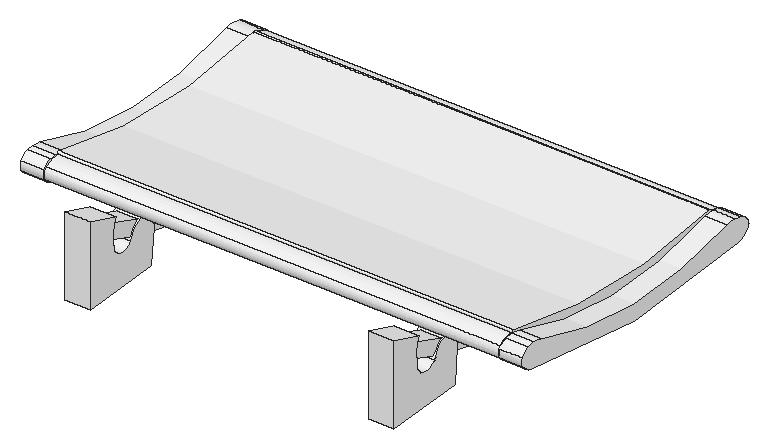
Revit family "NBS_PressalitCareplc_Stng_NursingBench3000", category Specialty Equipment, host Wall, Revit 2015
Parameters
  WithSafetyRail = no
  Weight = "54.2 kg"
  WarrantyStartDate [instance] = "1900-12-31T23:59:59"
  WarrantyGuarantorParts = "n/a"
  WarrantyGuarantorLabor = "n/a"
  WarrantyDurationUnit = "year"
  WarrantyDurationParts = "3"
  WarrantyDurationLabor = "n/a"
  WarrantyDescription = "3 yrs"
  Version = "1"  # constant formula
  UsageCurrent = 0
  Uniclass2015Version = "Products v1.3"  # constant formula
  Uniclass2015Reference = "Pr_40_20_06_83"
  Uniclass2015Description = "Shower seats"
  URL = ""
  TagNumber [instance] = "n/a"
  SustainabilityPerformance = "n/a"
  Style = "Bench"
  Size = "967 x 1410 mm"
  Shape = "n/a"
  SerialNumber [instance] = "n/a"
  SeatingHeight = 0 mm
  Revision = "n/a"
  ReplacementCost = "n/a"
  RailLength = 1200 mm
  ProductInformation = "en.pressalit.com/Handlers/Pressalit/Datasheet.ashx?area=care&id=21824&lang=en"
  PhaseReference = "n/a"
  PhaseAngle = 0.00°
  OperatingSpeed = "n/a"
  NursingBenchMaterial = NBS_Concept
  NumberOfPoles = 0
  NominalWidth = 0 mm
  NominalVoltage = "0"
  NominalLength = Length  # 1410 mm
  NominalHeight = Height  # 1170 mm
  NominalFrequencyRange = "0"
  NominalDepth = Depth  # 967 mm
  NominalCurrent = 0
  Name = "Seating_NursingBench3000_R8503_PressalitCareplc"
  NBSTypeID = "n/a"
  NBSReference = "45-35-72/352"
  NBSOfficeMasterTag = "n/a"
  NBSNote = "n/a"
  NBSDescription = "Seating"
  NBSCertification = "www.nationalbimlibrary.com/cert/nx1qp41t"
  ModelReference = "Nursing Bench 3000, Fixed Height - R8503"
  ModelNumber = "R8503"
  Model = ""
  MinimumBenchElevation [instance] = 300 mm  # constant formula
  MaximumLoad = "200 kg"
  MaximumBenchElevation [instance] = 1000 mm  # constant formula
  MaterialsSeat = "Polyurethane foam and plastic"
  MaterialsFrame = "Aluminium and powder-lacquered steel"
  Material = "n/a"
  ManufacturerURL = "www.pressalitcare.com"
  ManufacturerName = "Pressalit Care plc"  # constant formula
  Manufacturer = "www.pressalitcare.com"  # constant formula
  MainColor = "Lead grey"
  LowestSeatingHeight = 0 mm
  Length = 1410 mm
  IntegralAccessories = "Safety Rail"
  InsulationStandardClass = "Unset"
  InstallationDate [instance] = "1900-12-31T23:59:59"
  IfcExportType = "CHAIR"  # constant formula
  IfcExportAs = "IfcFurnitureType"  # constant formula
  IP_Code = "n/a"
  HighestSeatingHeight = 0 mm
  Height = 1170 mm
  HasProtectiveEarth = yes
  HandControl = "n/a"
  Grade = "n/a"
  Form = "Wall mounted"
  Fixed = not(Adjustable)  # yes
  Finish = "Powder laquered steel, Polyurethane mattress"
  Features = "A water collection tray with integrated water outlet prevents water from splashing on carers or the floor, adjustable neck support, integrated gas cylinders enable the bench to be folded out of the way when not in use, includes brick wall fixing kit and safety rail"
  ExpectedLife = "n/a"
  ElectricalDeviceNominalPower = 0
  DurationUnit = "year"
  Description = "Fixed nursing bench"
  Depth = 967 mm
  ControlBox = "n/a"
  Constituents = "n/a"
  CodePerformance = "n/a"
  Category = "Pr_40_20_06_83:Shower seats"
  BenchElevationCalc [instance] = if(and(Adjustable, BenchElevation > MaximumBenchElevation), MaximumBenchElevation, if(and(Adjustable, BenchElevation < MinimumBenchElevation), MinimumBenchElevation, if(Fixed, 865 mm, BenchElevation)))  # 865 mm
  BenchElevation [instance] = 865 mm
  BarCode [instance] = "n/a"
  BIMObjectName = "NBS_PressalitCareplc_Seating_NursingBench3000_R8503"
  Author = "NBS"  # constant formula
  AssetType = "Fixed"
  AssetIdentifier [instance] = "n/a"
  Assembly Code = ""
  AdjustmentHeight = "n/a\r\nn/a"
  Adjustable = no
  Actuator = "n/a"
  AcousticRating = "n/a"
  AccessibilityPerformance = "n/a"
Reference planes
  plane 1 "Wall": y = 0
  plane 2 "Center (Left/Right)": x = 125
  plane 3 "Back": y = 75
  plane 4: z = 865
  plane 5: y = 75
  plane 6 "Left": x = -580
  plane 7 "Right": x = 830
  plane 8 "Front": y = 1042
  plane 9: z = 1170
Text (mm)
  text "Placement Side" at (-1848.837, 1116.779, 0), in view "Ref. Level"
  text "Placement side" at (0, 1409.804, 2854.306), in view "Left"
  text "Placement side" at (0, 499.811, 2980.732), in view "Right"
Dimensions and locks
  locked: plane 3 "Back" to host wall
  "BenchElevationCalc": plane 4 to level
  plane 3 "Back" to plane 5 = 0 mm
  equal spacing: plane 6 "Left", plane 2 "Center (Left/Right)", plane 7 "Right"
  "Length": plane 6 "Left" to plane 7 "Right"
  "Depth": plane 8 "Front" to plane 5
  "Height": level to plane 9
  aligned and locked: plane 1 "Wall" to host wall
  aligned and locked: plane 2 "Center (Left/Right)" to nested 1
  aligned and locked: plane 4 to nested 1
  aligned and locked: nested 1 to plane 5
  aligned and locked: plane 5 to nested 2
  aligned and locked: nested 2 to level
  aligned and locked: plane 2 "Center (Left/Right)" to nested 3
  aligned and locked: nested 3 to plane 5
  aligned and locked: plane 4 to nested 3
Nested families
  nested 1: "NBS_PressalitCareplc_Seating_Bench_3000" at (125, 75, 0), type "Bench"
    with Length 1410 mm
  nested 2: "NBS_PressalitCareplc_Seating_BenchLifter" at (125, 75, 0) x (-1, 0, 0) z (0, 0, 1), visible <- "Adjustable", type "NBS_PressalitCareplc_Seating_BenchLifter"
  nested 3: "NBS_PressalitCareplc_Seating_NursingBench3000_SafetyRail" at (125, 75, 0), Rail <- "RailLength", visible <- "WithSafetyRail", type "SafetyRail"
    with Rail 1200 mm, BenchElevation 865 mm
Connectors
  electrical at (125, 100, 552)
    settings: on nested 2, index 1, voltage 0 V, apparent load 0 VA, apparent load phase1 0 VA, apparent load phase2 0 VA, apparent load phase3 0 VA, power factor 1, load classification "Other", number of poles 1, system type 31, power factor state 1, is connector primary yes, connector utility no, sub classification motor no, connector description ""
Definition of nested family "NBS_PressalitCareplc_Seating_Bench_3000"
  Parameters
    WithSafetyRail = no
    URL = ""
    Rail = if(Length > 1300 mm, 1600 mm, 1200 mm)  # 1600 mm
    NursingBenchMaterial = none
    Model = ""
    Manufacturer = ""
    Length = 1910 mm
    Description = ""
    BenchElevation = 865 mm
    Assembly Code = ""
  Reference planes
    plane 1 "Center (Front/Back)": y = 0
    plane 2: z = 0
    plane 3 "Center (Left/Right)": x = 0
    plane 4 "Left Arm": x = -391
    plane 5 "Left": x = -890
    plane 6 "Right": x = 890
    plane 7 "Right Arm": x = 391
    plane 8 "Bed Axis": z = 859.593
    plane 9 "Bed Elevation": z = 865
    plane 10: x = 955
    plane 11: x = -955
    plane 12: x = -463
    plane 13: x = 463
    plane 14 "Lines": z = 905
    plane 15 "Lateral details": z = 838.711
    plane 16 "Central details": z = 823.844
    plane 17 "Bottom": z = 813.844
    plane 18: z = 801.942
  Forms (mm)
    Sweep 1, solid, material <- "NursingBenchMaterial", detail levels medium+fine
      path origin (0, 0, 865) x (0, 1, 0) y (-1, 0, 0)
        loop
          line (554.669, 463) -> (554.669, 391)
      profile origin (-427, 554.669, 865) x (0, 1, 0) y (0, 0, 1)
        loop
          arc (-322.731, -113.111) -> (-348.27, -74.339) -> (-391.242, -91.913) r 36.545
          line (-391.242, -91.913) -> (-402.55, -112.894)
          arc (-402.55, -112.894) -> (-435.188, -129.818) -> (-462.879, -105.634) r 32.645
          arc (-462.879, -105.634) -> (-466.323, -66.347) -> (-456.67, -28.11) r 118.382
          line (-456.67, -28.11) -> (-544.669, -1.5) -> (-544.669, -223.314)
          arc (-544.669, -223.314) -> (-438.272, -218.903) -> (-332.583, -205.883) r 1312.636
          line (-332.583, -205.883) -> (-322.731, -113.111)
    Sweep 2, solid, material <- "NursingBenchMaterial", detail levels medium+fine
      path origin (0, 0, 865) x (0, 1, 0) y (1, 0, 0)
        loop
          line (554.669, 463) -> (554.669, 391)
      profile origin (427, 554.669, 865) x (0, -1, 0) y (0, 0, 1)
        loop
          line (322.731, -113.111) -> (332.583, -205.883)
          arc (332.583, -205.883) -> (438.272, -218.903) -> (544.669, -223.314) r 1312.636
          line (544.669, -223.314) -> (544.669, -1.5) -> (456.67, -28.11)
          arc (456.67, -28.11) -> (466.323, -66.347) -> (462.879, -105.634) r 118.382
          arc (462.879, -105.634) -> (435.188, -129.818) -> (402.55, -112.894) r 32.645
          line (402.55, -112.894) -> (391.242, -91.913)
          arc (391.242, -91.913) -> (348.27, -74.339) -> (322.731, -113.111) r 36.545
    Sweep 3, solid, material <- "NursingBenchMaterial", detail levels fine
      path origin (0, 0, 865) x (0, 1, 0) y (-1, 0, 0)
        loop
          line (554.5, 397) -> (554.5, 457)
      profile origin (-427, 554.5, 865) x (0, -1, 0) y (0, 0, 1)
        loop
          line (-304.368, -88.735) -> (-296.708, -131.628)
          arc (-296.708, -131.628) -> (13.933, -165.489) -> (324.043, -127.062) r 1350.753
          line (324.043, -127.062) -> (322.561, -113.111)
          arc (322.561, -113.111) -> (324.272, -97.578) -> (332.314, -84.179) r 36.545
          arc (332.314, -84.179) -> (14.253, -125.615) -> (-304.368, -88.735) r 1313.615
        loop
          arc (462.046, -43.52) -> (415.842, -59.701) -> (369.067, -74.148) r 1313.615
          arc (369.067, -74.148) -> (381.858, -80.816) -> (391.073, -91.913) r 36.545
          line (391.073, -91.913) -> (398.934, -106.499)
          arc (398.934, -106.499) -> (432.74, -95.676) -> (466.249, -83.968) r 1350.753
          arc (466.249, -83.968) -> (465.897, -63.562) -> (462.046, -43.52) r 118.382
    Sweep 4, solid, material <- "NursingBenchMaterial", detail levels fine
      path origin (0, 0, 865) x (0, 1, 0) y (1, 0, 0)
        loop
          line (554.5, 397) -> (554.5, 457)
      profile origin (427, 554.5, 865) x (0, 1, 0) y (0, 0, 1)
        loop
          arc (304.368, -88.735) -> (-14.253, -125.615) -> (-332.314, -84.179) r 1313.615
          arc (-332.314, -84.179) -> (-324.272, -97.578) -> (-322.561, -113.111) r 36.545
          line (-322.561, -113.111) -> (-324.043, -127.062)
          arc (-324.043, -127.062) -> (-13.933, -165.489) -> (296.708, -131.628) r 1350.753
          line (296.708, -131.628) -> (304.368, -88.735)
        loop
          arc (-462.046, -43.52) -> (-465.897, -63.562) -> (-466.249, -83.968) r 118.382
          arc (-466.249, -83.968) -> (-432.74, -95.676) -> (-398.934, -106.499) r 1350.753
          line (-398.934, -106.499) -> (-391.073, -91.913)
          arc (-391.073, -91.913) -> (-381.858, -80.816) -> (-369.067, -74.148) r 36.545
          arc (-369.067, -74.148) -> (-415.842, -59.701) -> (-462.046, -43.52) r 1313.615
    Extrusion 5, solid, material <- "NursingBenchMaterial", detail levels medium+fine
      sketch origin (-890, 0, 0) x (0, 1, 0) y (0, 0, 1)
        loop
          arc (903.921, 859.545) -> (901.971, 863.824) -> (897.384, 864.858) r 5.288
          arc (897.384, 864.858) -> (554.5, 823.637) -> (211.616, 864.858) r 1446.716
          arc (211.616, 864.858) -> (207.029, 863.824) -> (205.079, 859.545) r 5.288
          arc (205.079, 859.545) -> (183.077, 856.27) -> (163.837, 845.107) r 59.201
          arc (163.837, 845.107) -> (156.643, 828.928) -> (164.453, 813.039) r 20.889
          arc (164.453, 813.039) -> (177.229, 805.094) -> (191.588, 800.602) r 59.594
          arc (191.588, 800.602) -> (554.5, 768.467) -> (917.412, 800.602) r 2065.319
          arc (917.412, 800.602) -> (931.771, 805.094) -> (944.547, 813.039) r 59.594
          arc (944.547, 813.039) -> (952.357, 828.928) -> (945.163, 845.107) r 20.889
          arc (945.163, 845.107) -> (925.923, 856.27) -> (903.921, 859.545) r 59.201
      from 0 to 1780
    Extrusion 6, solid, material <- "NursingBenchMaterial", detail levels medium+fine
      sketch origin (-890, 0, -260) x (0, 1, 0) y (0, 0, 1)
        loop
          arc (915.835, 1055.797) -> (932.051, 1061.556) -> (945.968, 1071.677) r 60.055
          arc (945.968, 1071.677) -> (952.915, 1085.161) -> (950.36, 1100.113) r 23.93
          arc (950.36, 1100.113) -> (939.879, 1110.814) -> (926.496, 1117.543) r 45.619
          arc (926.496, 1117.543) -> (918.11, 1119.634) -> (909.542, 1120.764) r 76.337
          arc (909.542, 1120.764) -> (895.745, 1120.5) -> (882.238, 1117.673) r 73.842
          arc (882.238, 1117.673) -> (553.983, 1061.942) -> (225.789, 1118.028) r 991.415
          arc (225.789, 1118.028) -> (212.85, 1120.566) -> (199.666, 1120.764) r 73.842
          arc (199.666, 1120.764) -> (191.098, 1119.634) -> (182.712, 1117.543) r 76.337
          arc (182.712, 1117.543) -> (169.33, 1110.814) -> (158.848, 1100.113) r 45.619
          arc (158.848, 1100.113) -> (156.293, 1085.161) -> (163.24, 1071.677) r 23.93
          arc (163.24, 1071.677) -> (177.157, 1061.556) -> (193.37, 1055.763) r 60.055
          arc (193.37, 1055.763) -> (554.604, 1020) -> (915.835, 1055.797) r 1841.387
      from 1780 to 1845
    Extrusion 7, solid, material <- "NursingBenchMaterial", detail levels medium+fine
      sketch origin (-890, 0, -260) x (0, 1, 0) y (0, 0, 1)
        loop
          arc (915.835, 1055.797) -> (932.051, 1061.556) -> (945.968, 1071.677) r 60.055
          arc (945.968, 1071.677) -> (952.915, 1085.161) -> (950.36, 1100.113) r 23.93
          arc (950.36, 1100.113) -> (939.879, 1110.814) -> (926.496, 1117.543) r 45.619
          arc (926.496, 1117.543) -> (904.377, 1120.931) -> (882.238, 1117.673) r 75.355
          arc (882.238, 1117.673) -> (553.983, 1061.942) -> (225.789, 1118.028) r 991.415
          arc (225.789, 1118.028) -> (212.85, 1120.566) -> (199.666, 1120.764) r 73.842
          arc (199.666, 1120.764) -> (191.098, 1119.634) -> (182.712, 1117.543) r 76.337
          arc (182.712, 1117.543) -> (169.33, 1110.814) -> (158.848, 1100.113) r 45.619
          arc (158.848, 1100.113) -> (156.293, 1085.161) -> (163.24, 1071.677) r 23.93
          arc (163.24, 1071.677) -> (177.157, 1061.556) -> (193.37, 1055.763) r 60.055
          arc (193.37, 1055.763) -> (554.604, 1020) -> (915.835, 1055.797) r 1841.387
      from -65 to 0
    Extrusion 8, solid, material <- "NursingBenchMaterial", detail levels coarse
      sketch origin (-890, 0, 0) x (0, 1, 0) y (0, 0, 1)
        loop
          spline (918.291, 795.68) -> (928.214, 798.576) -> (937.072, 803.455) -> (944.26, 809.985) -> (949.29, 817.72) -> (951.818, 826.133) -> (951.672, 834.652) -> (948.862, 842.695) -> (943.579, 849.714) -> (936.184, 855.232) -> (927.18, 858.871) -> (917.182, 860.384) -> (906.869, 859.669)
          arc (906.869, 859.669) -> (554.5, 828.467) -> (202.131, 859.669) r 2005.319
          spline (202.131, 859.669) -> (191.818, 860.384) -> (181.82, 858.871) -> (172.816, 855.232) -> (165.421, 849.714) -> (160.138, 842.695) -> (157.328, 834.652) -> (157.182, 826.133) -> (159.71, 817.72) -> (164.74, 809.985) -> (171.928, 803.455) -> (180.786, 798.576) -> (190.709, 795.68)
          arc (190.709, 795.68) -> (554.5, 763.467) -> (918.291, 795.68) r 2070.319
      from -65 to 1845
  Dimensions and locks
    plane 4 "Left Arm" to plane 3 "Center (Left/Right)" to plane 7 "Right Arm" = 391 mm locked, 391 mm locked
    locked: plane 9 "Bed Elevation" to plane 8 "Bed Axis" at 5.407
    "BenchElevation": plane 9 "Bed Elevation" to level
    plane 8 "Bed Axis" to plane 15 "Lateral details" to plane 16 "Central details" = 20.881 mm locked, 14.868 mm locked
    locked: plane 16 "Central details" to plane 17 "Bottom" at 10
    locked: plane 12 to plane 4 "Left Arm" at 72
    locked: plane 7 "Right Arm" to plane 13 at 72
    equal spacing: plane 11, plane 3 "Center (Left/Right)", plane 10
    "Length": plane 11 to plane 10
    locked: plane 11 to plane 5 "Left" at 65
    locked: plane 6 "Right" to plane 10 at 65
    aligned and locked: plane 12 to Sweep 1 sketch curve
    aligned and locked: plane 4 "Left Arm" to Sweep 1 sketch curve
    aligned and locked: plane 7 "Right Arm" to Sweep 2 sketch curve
    aligned and locked: plane 13 to Sweep 2 sketch curve
    aligned and locked: Extrusion 7 to plane 11
    aligned and locked: plane 5 "Left" to Extrusion 7
    aligned and locked: Extrusion 6 to plane 10
    aligned and locked: plane 6 "Right" to Extrusion 6
    aligned and locked: Extrusion 5 to plane 6 "Right"
    aligned and locked: Extrusion 5 to plane 5 "Left"
    aligned and locked: Extrusion 8 to plane 10
    aligned and locked: Extrusion 8 to plane 11
  Automatic sketch dimensions
    Sweep 1 sketch curve to plane 1 "Center (Front/Back)" = 554.669 mm
    profile plane to Sweep 1 sketch curve = 545.793 mm
    Sweep 1 sketch curve to plane 9 "Bed Elevation" = 223.314 mm
    profile plane to Sweep 1 sketch curve = 544.669 mm
    Sweep 1 sketch curve to plane 9 "Bed Elevation" = 28.11 mm
    Sweep 1 sketch curve to Sweep 1 sketch curve = 87.999 mm
    Sweep 1 sketch curve to Sweep 1 sketch curve = 25.383 mm
    Sweep 1 sketch curve to plane 9 "Bed Elevation" = 112.894 mm
    Sweep 1 sketch curve to Sweep 1 sketch curve = 28.737 mm
    Sweep 1 sketch curve to plane 9 "Bed Elevation" = 91.913 mm
    Sweep 1 sketch curve to Sweep 1 sketch curve = 11.308 mm
    Sweep 1 sketch curve to Sweep 1 sketch curve = 32.17 mm
    Sweep 1 sketch curve to Sweep 1 sketch curve = 10.753 mm
    Sweep 1 sketch curve to plane 9 "Bed Elevation" = 205.883 mm
    Sweep 1 sketch curve to Sweep 1 sketch curve = 26.489 mm
    Sweep 1 sketch curve to plane 9 "Bed Elevation" = 113.111 mm
    Sweep 1 sketch curve to Sweep 1 sketch curve = 36.341 mm
    Sweep 1 sketch curve to Sweep 1 sketch curve = 15.488 mm
    Sweep 1 sketch curve to Sweep 1 sketch curve = 33.453 mm
    Sweep 1 sketch curve to plane 9 "Bed Elevation" = 1.5 mm
    plane 1 "Center (Front/Back)" to Sweep 2 sketch curve = 554.669 mm
    Sweep 2 sketch curve to plane 9 "Bed Elevation" = 113.111 mm
    Sweep 2 sketch curve to profile plane = 322.731 mm
    Sweep 2 sketch curve to Sweep 2 sketch curve = 9.852 mm
    Sweep 2 sketch curve to Sweep 2 sketch curve = 25.588 mm
    Sweep 2 sketch curve to Sweep 2 sketch curve = 10.753 mm
    Sweep 2 sketch curve to plane 9 "Bed Elevation" = 91.913 mm
    Sweep 2 sketch curve to Sweep 2 sketch curve = 32.17 mm
    Sweep 2 sketch curve to plane 9 "Bed Elevation" = 112.894 mm
    Sweep 2 sketch curve to Sweep 2 sketch curve = 11.308 mm
    Sweep 2 sketch curve to Sweep 2 sketch curve = 28.737 mm
    Sweep 2 sketch curve to plane 9 "Bed Elevation" = 28.11 mm
    Sweep 2 sketch curve to Sweep 2 sketch curve = 25.383 mm
    Sweep 2 sketch curve to plane 9 "Bed Elevation" = 1.5 mm
    Sweep 2 sketch curve to Sweep 2 sketch curve = 87.999 mm
    Sweep 2 sketch curve to profile plane = 545.793 mm
    Sweep 2 sketch curve to Sweep 2 sketch curve = 92.772 mm
    Sweep 2 sketch curve to Sweep 2 sketch curve = 110.42 mm
    Sweep 2 sketch curve to Sweep 2 sketch curve = 15.488 mm
    Sweep 2 sketch curve to Sweep 2 sketch curve = 33.453 mm
    Sweep 3 sketch curve to plane 12 = 6 mm
    Sweep 3 sketch curve to plane 1 "Center (Front/Back)" = 554.5 mm
    plane 4 "Left Arm" to Sweep 3 sketch curve = 6 mm
    plane 13 to Sweep 4 sketch curve = 6 mm
    plane 1 "Center (Front/Back)" to Sweep 4 sketch curve = 554.5 mm
    Sweep 4 sketch curve to plane 7 "Right Arm" = 6 mm
    plane 16 "Central details" to Extrusion 5 sketch curve = 5.486 mm  (x2)
    Extrusion 5 sketch curve to plane 1 "Center (Front/Back)" = 177.528 mm
    Extrusion 5 sketch curve to plane 8 "Bed Axis" = 0.324 mm  (x2)
    Extrusion 5 sketch curve to Extrusion 5 sketch curve = 24.532 mm
    plane 18 to Extrusion 5 sketch curve = 1.547 mm  (x2)
    Extrusion 5 sketch curve to Extrusion 5 sketch curve = 25.111 mm  (x2)
    plane 8 "Bed Axis" to Extrusion 5 sketch curve = 0.128 mm  (x2)
    Extrusion 5 sketch curve to Extrusion 5 sketch curve = 8.304 mm  (x2)
    Extrusion 5 sketch curve to plane 1 "Center (Front/Back)" = 554.5 mm  (x2)
    Extrusion 5 sketch curve to Extrusion 5 sketch curve = 688.273 mm
    Extrusion 5 sketch curve to Extrusion 5 sketch curve = 7.725 mm
    plane 14 "Lines" to Extrusion 5 sketch curve = 1365.353 mm
    Extrusion 5 sketch curve to Extrusion 5 sketch curve = 563.433 mm
    Extrusion 5 sketch curve to plane 17 "Bottom" = 0.805 mm  (x2)
    Extrusion 5 sketch curve to Extrusion 5 sketch curve = 13.074 mm
    Extrusion 5 sketch curve to Extrusion 5 sketch curve = 0 mm  (x5)
    Extrusion 5 sketch curve to plane 8 "Bed Axis" = 0.047 mm  (x2)
    Extrusion 6 sketch curve to plane 1 "Center (Front/Back)" = 179.943 mm
    Extrusion 6 sketch curve to Extrusion 6 sketch curve = 16.294 mm  (x2)
    Extrusion 6 sketch curve to Extrusion 6 sketch curve = 25.214 mm
    Extrusion 6 sketch curve to Extrusion 6 sketch curve = 8.921 mm  (x2)
    Extrusion 6 sketch curve to Extrusion 6 sketch curve = 0.186 mm  (x2)
    Extrusion 6 sketch curve to plane 1 "Center (Front/Back)" = 554.519 mm  (x2)
    Extrusion 6 sketch curve to plane 14 "Lines" = 120.362 mm  (x2)
    Extrusion 6 sketch curve to Extrusion 6 sketch curve = 698.52 mm
    Extrusion 6 sketch curve to Extrusion 6 sketch curve = 0.001 mm
    Extrusion 6 sketch curve to Extrusion 6 sketch curve = 2.488 mm  (x2)
    Extrusion 6 sketch curve to Extrusion 6 sketch curve = 26.848 mm  (x2)
    Extrusion 6 sketch curve to Extrusion 6 sketch curve = 14.84 mm  (x2)
    Extrusion 6 sketch curve to Extrusion 6 sketch curve = 25.869 mm  (x2)
    Extrusion 6 sketch curve to Extrusion 6 sketch curve = 938.672 mm
    Extrusion 6 sketch curve to Extrusion 6 sketch curve = 808.031 mm
    Extrusion 6 sketch curve to Extrusion 6 sketch curve = 16.703 mm
    Extrusion 6 sketch curve to Extrusion 6 sketch curve = 0 mm  (x7)
    Extrusion 6 sketch curve to Extrusion 6 sketch curve = 21.095 mm
    Extrusion 6 sketch curve to Extrusion 6 sketch curve = 11.788 mm
    Extrusion 6 sketch curve to Extrusion 6 sketch curve = 0.003 mm
    Extrusion 6 sketch curve to Extrusion 6 sketch curve = 20.632 mm
    Extrusion 6 sketch curve to Extrusion 6 sketch curve = 21.813 mm
    Extrusion 6 sketch curve to Extrusion 6 sketch curve = 11.785 mm
    plane 16 "Central details" to Extrusion 7 sketch curve = 4.971 mm  (x2)
    Extrusion 7 sketch curve to plane 1 "Center (Front/Back)" = 179.943 mm
    plane 17 "Bottom" to Extrusion 7 sketch curve = 0.131 mm  (x2)
    Extrusion 7 sketch curve to Extrusion 7 sketch curve = 16.294 mm  (x2)
    Extrusion 7 sketch curve to plane 8 "Bed Axis" = 4.909 mm  (x2)
    Extrusion 7 sketch curve to Extrusion 7 sketch curve = 25.214 mm
    plane 18 to Extrusion 7 sketch curve = 14.816 mm
    Extrusion 7 sketch curve to Extrusion 7 sketch curve = 8.921 mm
    Extrusion 7 sketch curve to Extrusion 7 sketch curve = 0.186 mm
    Extrusion 7 sketch curve to plane 1 "Center (Front/Back)" = 554.519 mm  (x2)
    Extrusion 7 sketch curve to Extrusion 7 sketch curve = 698.894 mm
    plane 18 to Extrusion 7 sketch curve = 16.366 mm
    Extrusion 7 sketch curve to Extrusion 7 sketch curve = 0.104 mm
    Extrusion 7 sketch curve to Extrusion 7 sketch curve = 8.816 mm
    Extrusion 7 sketch curve to Extrusion 7 sketch curve = 2.488 mm
    Extrusion 7 sketch curve to Extrusion 7 sketch curve = 808.031 mm
    Extrusion 7 sketch curve to plane 17 "Bottom" = 2.166 mm
    Extrusion 7 sketch curve to Extrusion 7 sketch curve = 0 mm  (x6)
    plane 15 "Lateral details" to Extrusion 7 sketch curve = 1.401 mm
    plane 18 to Extrusion 7 sketch curve = 6.179 mm
    Extrusion 7 sketch curve to Extrusion 7 sketch curve = 11.788 mm
    Extrusion 7 sketch curve to Extrusion 7 sketch curve = 0.003 mm
    Extrusion 7 sketch curve to plane 8 "Bed Axis" = 1.565 mm
    Extrusion 7 sketch curve to plane 8 "Bed Axis" = 1.92 mm
    Extrusion 7 sketch curve to plane 8 "Bed Axis" = 2.05 mm
    Extrusion 8 sketch curve to Extrusion 8 sketch curve = 0 mm  (x2)
    Extrusion 8 sketch curve to plane 1 "Center (Front/Back)" = 554.5 mm
    plane 14 "Lines" to Extrusion 8 sketch curve = 1928.786 mm
    plane 18 to Extrusion 8 sketch curve = 6.262 mm
    plane 16 "Central details" to Extrusion 8 sketch curve = 3.831 mm
    plane 8 "Bed Axis" to Extrusion 8 sketch curve = 0.076 mm
    Extrusion 8 sketch curve to plane 1 "Center (Front/Back)" = 202.131 mm
    Sweep 3 sketch curve to Sweep 3 sketch curve = 0 mm  (x6)
    Sweep 3 sketch curve to plane 9 "Bed Elevation" = 88.735 mm
    profile plane to Sweep 3 sketch curve = 304.368 mm
    Sweep 3 sketch curve to plane 9 "Bed Elevation" = 131.628 mm
    Sweep 3 sketch curve to Sweep 3 sketch curve = 7.66 mm
    Sweep 3 sketch curve to profile plane = 3.997 mm
    Sweep 3 sketch curve to Sweep 3 sketch curve = 0.856 mm
    Sweep 3 sketch curve to plane 9 "Bed Elevation" = 113.111 mm
    Sweep 3 sketch curve to plane 9 "Bed Elevation" = 127.062 mm
    Sweep 3 sketch curve to Sweep 3 sketch curve = 1.482 mm
    Sweep 3 sketch curve to Sweep 3 sketch curve = 25.588 mm
    Sweep 3 sketch curve to Sweep 3 sketch curve = 10.753 mm
    Sweep 3 sketch curve to plane 9 "Bed Elevation" = 91.913 mm
    Sweep 3 sketch curve to Sweep 3 sketch curve = 32.17 mm
    Sweep 3 sketch curve to plane 9 "Bed Elevation" = 106.499 mm
    Sweep 3 sketch curve to Sweep 3 sketch curve = 7.861 mm
    Sweep 3 sketch curve to Sweep 3 sketch curve = 3.859 mm
    Sweep 3 sketch curve to Sweep 3 sketch curve = 33.453 mm
    Sweep 3 sketch curve to Sweep 3 sketch curve = 2.738 mm
    Sweep 3 sketch curve to profile plane = 322.561 mm
    Sweep 3 sketch curve to Sweep 3 sketch curve = 20.917 mm
    Sweep 3 sketch curve to plane 9 "Bed Elevation" = 43.52 mm
    Sweep 4 sketch curve to Sweep 4 sketch curve = 0 mm  (x9)
    Sweep 4 sketch curve to plane 9 "Bed Elevation" = 91.913 mm
    Sweep 4 sketch curve to Sweep 4 sketch curve = 32.17 mm
    Sweep 4 sketch curve to Sweep 4 sketch curve = 10.753 mm
    Sweep 4 sketch curve to plane 9 "Bed Elevation" = 113.111 mm
    Sweep 4 sketch curve to Sweep 4 sketch curve = 36.341 mm
    profile plane to Sweep 4 sketch curve = 4.853 mm
    Sweep 4 sketch curve to Sweep 4 sketch curve = 0.856 mm
    Sweep 4 sketch curve to plane 9 "Bed Elevation" = 131.628 mm
    Sweep 4 sketch curve to plane 9 "Bed Elevation" = 88.735 mm
    Sweep 4 sketch curve to Sweep 4 sketch curve = 7.66 mm
    Sweep 4 sketch curve to Sweep 4 sketch curve = 3.859 mm
    Sweep 4 sketch curve to Sweep 4 sketch curve = 33.453 mm
    Sweep 4 sketch curve to Sweep 4 sketch curve = 2.738 mm
    Sweep 4 sketch curve to plane 9 "Bed Elevation" = 106.499 mm
    Sweep 4 sketch curve to Sweep 4 sketch curve = 7.861 mm
    Sweep 4 sketch curve to Sweep 4 sketch curve = 4.203 mm
    Sweep 4 sketch curve to Sweep 4 sketch curve = 20.917 mm
    Sweep 4 sketch curve to Sweep 4 sketch curve = 15.836 mm
    Sweep 4 sketch curve to Sweep 4 sketch curve = 34.859 mm
    Sweep 4 sketch curve to Sweep 4 sketch curve = 13.951 mm
    profile plane to Sweep 4 sketch curve = 322.561 mm
Definition of nested family "NBS_PressalitCareplc_Seating_BenchLifter"
  Parameters
    NursingBenchMaterial = none
  Reference planes
    plane 1 "Center (Front/Back)": y = 0
    plane 2: z = 0
    plane 3 "Center (Left/Right)": x = 0
    plane 4: z = 1170
    plane 5: z = 1035.5
    plane 6: z = 68.5
    plane 7: y = -105.5
  Forms (mm)
    Extrusion 1, solid, material <- "NursingBenchMaterial", detail levels medium+fine
      sketch origin (0, 0, 0) x (1, 0, 0) y (0, 1, 0)
        loop
          line (375.001, 0) -> (-375.001, 0)
          arc (-375.001, 0) -> (-371.581, -48.585) -> (-362.281, -96.393) r 399.994
          arc (-362.281, -96.393) -> (-359.656, -100.538) -> (-355.104, -102.371) r 8
          arc (-355.104, -102.371) -> (0, -115) -> (355.105, -102.374) r 4999.999
          arc (355.105, -102.374) -> (359.656, -100.538) -> (362.281, -96.393) r 8
          arc (362.281, -96.393) -> (371.581, -48.585) -> (375.001, 0) r 399.994
      from 0 to 1170
    Extrusion 2, solid, material <- "NursingBenchMaterial", detail levels coarse
      sketch origin (0, 0, 0) x (1, 0, 0) y (0, 1, 0)
        loop
          line (375.001, -115) -> (375.001, 0) -> (-375.001, 0) -> (-375.001, -115) -> (375.001, -115)
      from 0 to 1170
    Extrusion 3, void
      sketch origin (0, 0, 0) x (1, 0, 0) y (0, 1, 0)
        loop
          line (-380, -25) -> (380, -25) -> (380, 0) -> (-380, 0) -> (-380, -25)
      from 68.5 to 1035.5
    Extrusion 4, void
      sketch origin (0, 0, 0) x (1, 0, 0) y (0, 0, 1)
        loop
          circle (0, 1029.852) r 24.5
      from 105.5 to 125.5
  Cuts and joins
    Extrusion 3, Extrusion 4 cuts Extrusion 1
  Dimensions and locks
    locked: plane 4 to level at 1170
    locked: plane 4 to plane 5 at 134.5
    locked: plane 6 to level at 68.5
    locked: plane 4 to Extrusion 4 sketch curve at 140.148
    plane 7 to plane 1 "Center (Front/Back)" = 105.5 mm
    aligned and locked: level to plane 2
    aligned and locked: Extrusion 1 sketch curve to plane 1 "Center (Front/Back)"
    aligned and locked: Extrusion 2 sketch curve to plane 1 "Center (Front/Back)"
    aligned and locked: plane 4 to Extrusion 2
    aligned and locked: plane 4 to Extrusion 1
    aligned and locked: Extrusion 1 to level
    aligned and locked: Extrusion 2 to level
    aligned and locked: Extrusion 3 sketch curve to plane 1 "Center (Front/Back)"
    aligned and locked: plane 5 to Extrusion 3
    aligned and locked: plane 6 to Extrusion 3
    aligned and locked: plane 3 "Center (Left/Right)" to Extrusion 4 sketch curve
    aligned and locked: plane 7 to Extrusion 4
Definition of nested family "NBS_PressalitCareplc_Seating_NursingBench3000_SafetyRail"
  Parameters
    URL = ""
    SafetyRailMaterial = none
    Rail [instance] = 1600 mm
    Model = ""
    Manufacturer = ""
    Description = ""
    BenchElevation [instance] = 865 mm
    Assembly Code = ""
  Reference planes
    plane 1 "Center (Front/Back)": y = 0
    plane 2: z = 0
    plane 3 "Center (Left/Right)": x = 0
    plane 4 "Bed Elevation": z = 865
    plane 5 "Lines": z = 1115
    plane 6: x = -800
    plane 7: x = 800
  Forms (mm)
    Sweep 1, solid, material <- "SafetyRailMaterial", detail levels medium+fine
      path origin (0, 963.054, 967.776) x (0, -0.139173, 0.990268) y (1, 0, 0)
        loop
          arc (120, 730) -> (60, 790) -> (0, 730) r 60
          line (0, 730) -> (0, -730)
          arc (0, -730) -> (60, -790) -> (120, -730) r 60
          line (120, -730) -> (120, 730)
      profile origin (0, 946.353, 1086.608) x (0, -0.139173, 0.990268) y (0, 0.990268, 0.139173)
        loop
          circle (0, 0) r 10
    Sweep 2, solid, material <- "SafetyRailMaterial", detail levels medium+fine
      path origin (0, 0, 865) x (0, 1, 0) y (-1, 0, 0)
        loop
          line (554.669, 457) -> (554.669, 397)
      profile origin (-427, 554.669, 865) x (0, 1, 0) y (0, 0, 1)
        loop
          arc (376.891, 218.826) -> (397.193, 45.154) -> (394.604, -129.682) r 1333.923
          arc (394.604, -129.682) -> (408.35, -145.838) -> (424.507, -132.091) r 15
          arc (424.507, -132.091) -> (427.105, 47.624) -> (406.051, 226.12) r 1363.923
          arc (406.051, 226.12) -> (388.047, 236.161) -> (376.891, 218.826) r 15.059
    Sweep 3, solid, material <- "SafetyRailMaterial", detail levels medium+fine
      path origin (0, 0, 865) x (0, 1, 0) y (1, 0, 0)
        loop
          line (554.669, 457) -> (554.669, 397)
      profile origin (427, 554.669, 865) x (0, -1, 0) y (0, 0, 1)
        loop
          arc (-376.891, 218.826) -> (-388.047, 236.161) -> (-406.051, 226.12) r 15.059
          arc (-406.051, 226.12) -> (-427.105, 47.624) -> (-424.507, -132.091) r 1363.923
          arc (-424.507, -132.091) -> (-408.35, -145.838) -> (-394.604, -129.682) r 15
          arc (-394.604, -129.682) -> (-397.193, 45.154) -> (-376.891, 218.826) r 1333.923
    Sweep 4, solid, material <- "SafetyRailMaterial", detail levels medium+fine
      path origin (0, 0, 865) x (0, 1, 0) y (-1, 0, 0)
        loop
          line (554.5, 426.963) -> (554.5, 406.963)
      profile origin (-416.963, 554.5, 865) x (0, 1, 0) y (0, 0, 1)
        loop
          arc (409.944, -140.954) -> (419.74, -130.754) -> (409.539, -120.958) r 10
          arc (409.539, -120.958) -> (354.302, -120.82) -> (299.129, -118.169) r 1213.489
          line (299.129, -118.169) -> (296.725, -131.628)
          arc (296.725, -131.628) -> (286.046, -134.022) -> (275.347, -136.328) r 1350.753
          arc (275.347, -136.328) -> (342.582, -140.48) -> (409.944, -140.954) r 1233.489
    Sweep 5, solid, material <- "SafetyRailMaterial", detail levels medium+fine
      path origin (0, 0, 865) x (0, 1, 0) y (1, 0, 0)
        loop
          line (554.5, 426.963) -> (554.5, 406.963)
      profile origin (416.963, 554.5, 865) x (0, -1, 0) y (0, 0, 1)
        loop
          arc (-409.944, -140.954) -> (-342.582, -140.48) -> (-275.347, -136.328) r 1233.489
          arc (-275.347, -136.328) -> (-286.046, -134.022) -> (-296.725, -131.628) r 1350.753
          line (-296.725, -131.628) -> (-299.129, -118.169)
          arc (-299.129, -118.169) -> (-354.302, -120.82) -> (-409.539, -120.958) r 1213.489
          arc (-409.539, -120.958) -> (-419.74, -130.754) -> (-409.944, -140.954) r 10
    Extrusion 6, solid, material <- "SafetyRailMaterial", detail levels coarse
      sketch origin (0, 0, 0) x (0, 1, 0) y (0, 0, 1)
        loop
          arc (956.256, 1088) -> (944.961, 1096.511) -> (936.45, 1085.216) r 10
          line (936.45, 1085.216) -> (953.151, 966.384)
          arc (953.151, 966.384) -> (964.445, 957.873) -> (972.956, 969.167) r 10
          line (972.956, 969.167) -> (956.256, 1088)
      from -800 to 800
    Extrusion 7, solid, material <- "SafetyRailMaterial", detail levels coarse
      sketch origin (0, 0, 0) x (0, 1, 0) y (0, 0, 1)
        loop
          arc (956.256, 1088) -> (944.961, 1096.511) -> (936.45, 1085.216) r 10
          line (936.45, 1085.216) -> (953.151, 966.384)
          arc (953.151, 966.384) -> (961.494, 850.94) -> (954.226, 735.424) r 858.21
          arc (954.226, 735.424) -> (963.611, 725.384) -> (974.225, 734.113) r 10.041
          arc (974.225, 734.113) -> (981.49, 851.683) -> (972.956, 969.167) r 878.21
          line (972.956, 969.167) -> (956.256, 1088)
      from -457 to 457
  Cuts and joins
    joined: Sweep 1, Sweep 2, Sweep 3, Sweep 4, Sweep 5
    joined: Extrusion 6, Extrusion 7
  Lines and regions (mm)
    Masking region 1
      outline origin (0, 0, 1115) x (0, 1, 0) y (-1, 0, 0)
        loop
          line (973.054, -457) -> (936.353, -457) -> (936.353, -720.974)
          spline (936.353, -720.974) -> (937.112, -752.217) -> (939.202, -774.001) -> (942.339, -787.995) -> (946.24, -795.866) -> (950.625, -799.284) -> (955.209, -799.916) -> (959.718, -798.948) -> (963.915, -795.343) -> (967.573, -787.422) -> (970.467, -773.505) -> (972.369, -751.916) -> (973.054, -720.974)
          line (973.054, -720.974) -> (973.054, -457)
        loop
          line (973.054, 457) -> (973.054, 720.974)
          spline (973.054, 720.974) -> (972.369, 751.916) -> (970.467, 773.505) -> (967.573, 787.422) -> (963.915, 795.343) -> (959.718, 798.948) -> (955.209, 799.916) -> (950.625, 799.284) -> (946.24, 795.866) -> (942.339, 787.995) -> (939.202, 774.001) -> (937.112, 752.217) -> (936.353, 720.974)
          line (936.353, 720.974) -> (936.353, 457) -> (973.054, 457)
        loop
          line (973.054, 397) -> (936.353, 397) -> (936.353, -397) -> (973.054, -397) -> (973.054, 397)
    Masking region 2
      outline origin (0, 0, 1115) x (0, 1, 0) y (-1, 0, 0)
        loop
          line (983.582, 457) -> (931.32, 457) -> (931.32, 397) -> (983.582, 397) -> (983.582, 457)
        loop
          line (983.582, -457) -> (983.582, -397) -> (931.32, -397) -> (931.32, -457) -> (983.582, -457)
    reference lines
      curve 1: line (0, 963.054, 967.776) -> (0, 946.353, 1086.608)
  Dimensions and locks
    "BenchElevation": plane 4 "Bed Elevation" to level
    locked: Sweep 1 sketch curve to plane 6 at 70
    locked: Sweep 1 sketch curve to plane 7 at 70
    equal spacing: plane 7, plane 3 "Center (Left/Right)", plane 6
    "Rail": plane 6 to plane 7
    locked: plane 6 to Masking region 1 sketch curve at 79.026
    locked: Masking region 1 sketch curve to plane 7 at 79.026
    aligned and locked: Sweep 2 to Masking region 1 sketch curve
    aligned and locked: Masking region 1 sketch curve to Sweep 2
    aligned and locked: Sweep 3 to Masking region 1 sketch curve  (x2)
    aligned and locked: Masking region 2 sketch curve to Sweep 2
    aligned and locked: Sweep 2 to Masking region 2 sketch curve
    aligned and locked: Masking region 2 sketch curve to Sweep 3  (x2)
    aligned and locked: Extrusion 6 to plane 6
    aligned and locked: Extrusion 6 to plane 7
    aligned and locked: Extrusion 7 to cut or joined group of Sweep 1, Sweep 2, Sweep 3, Sweep 4, Sweep 5  (x2)
  Automatic sketch dimensions
    Sweep 1 sketch curve to curve 1 = 0 mm  (x2)
    profile plane to Sweep 1 sketch curve = 0 mm
    Sweep 1 sketch curve to profile plane = 0 mm
    plane 4 "Bed Elevation" to curve 1 = 221.608 mm
    curve 1 to plane 1 "Center (Front/Back)" = 946.353 mm
    plane 4 "Bed Elevation" to curve 1 = 102.776 mm
    curve 1 to curve 1 = 16.701 mm
    Sweep 2 sketch curve to plane 1 "Center (Front/Back)" = 554.669 mm
    Sweep 2 sketch curve to Sweep 2 sketch curve = 0 mm  (x4)
    Sweep 2 sketch curve to plane 4 "Bed Elevation" = 22.555 mm
    profile plane to Sweep 2 sketch curve = 935.011 mm
    Sweep 2 sketch curve to profile plane = 376.891 mm
    Sweep 2 sketch curve to Sweep 2 sketch curve = 14.811 mm
    Sweep 2 sketch curve to plane 4 "Bed Elevation" = 129.682 mm
    Sweep 2 sketch curve to Sweep 2 sketch curve = 17.713 mm
    Sweep 2 sketch curve to Sweep 2 sketch curve = 14.35 mm
    Sweep 2 sketch curve to Sweep 2 sketch curve = 14.952 mm
    plane 1 "Center (Front/Back)" to Sweep 3 sketch curve = 554.669 mm
    Sweep 3 sketch curve to Sweep 3 sketch curve = 0 mm  (x5)
    Sweep 3 sketch curve to plane 4 "Bed Elevation" = 132.091 mm
    profile plane to Sweep 3 sketch curve = 424.507 mm
    Sweep 3 sketch curve to Sweep 3 sketch curve = 14.952 mm
    plane 4 "Bed Elevation" to Sweep 3 sketch curve = 226.12 mm
    Sweep 3 sketch curve to Sweep 3 sketch curve = 11.447 mm
    Sweep 3 sketch curve to Sweep 3 sketch curve = 14.35 mm
    Sweep 3 sketch curve to Sweep 3 sketch curve = 14.811 mm
    Sweep 4 sketch curve to plane 1 "Center (Front/Back)" = 554.5 mm
    Sweep 4 sketch curve to Sweep 4 sketch curve = 20 mm
    plane 1 "Center (Front/Back)" to Sweep 5 sketch curve = 554.5 mm
    Sweep 5 sketch curve to Sweep 5 sketch curve = 20 mm
    Sweep 5 sketch curve to Sweep 5 sketch curve = 0 mm  (x6)
    Sweep 5 sketch curve to plane 4 "Bed Elevation" = 140.954 mm
    Sweep 5 sketch curve to Sweep 5 sketch curve = 0.203 mm
    Sweep 3 sketch curve to Sweep 3 sketch curve = 60 mm
    Sweep 3 sketch curve to plane 3 "Center (Left/Right)" = 397 mm
    Sweep 5 sketch curve to plane 3 "Center (Left/Right)" = 406.963 mm
    Sweep 2 sketch curve to Sweep 2 sketch curve = 60 mm
    Sweep 2 sketch curve to plane 3 "Center (Left/Right)" = 397 mm
    Sweep 4 sketch curve to plane 3 "Center (Left/Right)" = 406.963 mm
    Masking region 1 sketch curve to plane 1 "Center (Front/Back)" = 936.353 mm
    Masking region 1 sketch curve to Masking region 1 sketch curve = 0 mm  (x2)
    Masking region 1 sketch curve to Masking region 1 sketch curve = 36.701 mm  (x3)
    Masking region 2 sketch curve to plane 1 "Center (Front/Back)" = 931.32 mm
    Masking region 2 sketch curve to Masking region 2 sketch curve = 0 mm
    Masking region 2 sketch curve to Masking region 2 sketch curve = 52.261 mm  (x2)
    Extrusion 6 sketch curve to Extrusion 6 sketch curve = 9.903 mm  (x4)
    Extrusion 6 sketch curve to plane 5 "Lines" = 27 mm
    plane 4 "Bed Elevation" to Extrusion 6 sketch curve = 101.384 mm
    Extrusion 6 sketch curve to Extrusion 6 sketch curve = 16.701 mm
    plane 4 "Bed Elevation" to Extrusion 6 sketch curve = 104.167 mm
    Extrusion 6 sketch curve to plane 5 "Lines" = 29.784 mm
    Extrusion 6 sketch curve to plane 1 "Center (Front/Back)" = 936.45 mm
    Sweep 4 sketch curve to Sweep 4 sketch curve = 0 mm  (x4)
    Sweep 4 sketch curve to plane 4 "Bed Elevation" = 131.628 mm
    Sweep 4 sketch curve to profile plane = 296.725 mm
    Sweep 4 sketch curve to plane 4 "Bed Elevation" = 118.169 mm
    Sweep 4 sketch curve to Sweep 4 sketch curve = 2.403 mm
    Sweep 4 sketch curve to profile plane = 384.949 mm
    Sweep 4 sketch curve to Sweep 4 sketch curve = 110.613 mm
    Sweep 4 sketch curve to Sweep 4 sketch curve = 12.787 mm
    Sweep 4 sketch curve to Sweep 4 sketch curve = 92.946 mm
    Sweep 4 sketch curve to Sweep 4 sketch curve = 21.379 mm
    profile plane to Sweep 4 sketch curve = 3.98 mm
    Sweep 5 sketch curve to plane 4 "Bed Elevation" = 118.169 mm
    Sweep 5 sketch curve to plane 4 "Bed Elevation" = 131.628 mm
    Sweep 5 sketch curve to Sweep 5 sketch curve = 2.403 mm
    Sweep 5 sketch curve to profile plane = 3.98 mm
    Sweep 5 sketch curve to Sweep 5 sketch curve = 92.946 mm
    Sweep 5 sketch curve to Sweep 5 sketch curve = 21.379 mm
    Sweep 5 sketch curve to plane 4 "Bed Elevation" = 130.956 mm
    profile plane to Sweep 5 sketch curve = 296.725 mm
    Extrusion 7 sketch curve to Extrusion 7 sketch curve = 0 mm  (x3)
    Extrusion 7 sketch curve to plane 4 "Bed Elevation" = 18.056 mm
    Extrusion 7 sketch curve to plane 1 "Center (Front/Back)" = 103.293 mm
    Extrusion 7 sketch curve to plane 5 "Lines" = 29.784 mm
    Extrusion 7 sketch curve to Extrusion 7 sketch curve = 9.903 mm  (x2)
    plane 4 "Bed Elevation" to Extrusion 7 sketch curve = 101.384 mm
    Extrusion 7 sketch curve to Extrusion 7 sketch curve = 16.701 mm
    Extrusion 7 sketch curve to plane 5 "Lines" = 27 mm
    Extrusion 7 sketch curve to Extrusion 7 sketch curve = 11.116 mm
    plane 4 "Bed Elevation" to Extrusion 7 sketch curve = 104.167 mm
    Extrusion 7 sketch curve to Extrusion 7 sketch curve = 19.805 mm
    Extrusion 7 sketch curve to Extrusion 7 sketch curve = 10.041 mm
    Extrusion 7 sketch curve to Extrusion 7 sketch curve = 9.958 mm
    radius of Sweep 1 sketch curve = 10 mm
